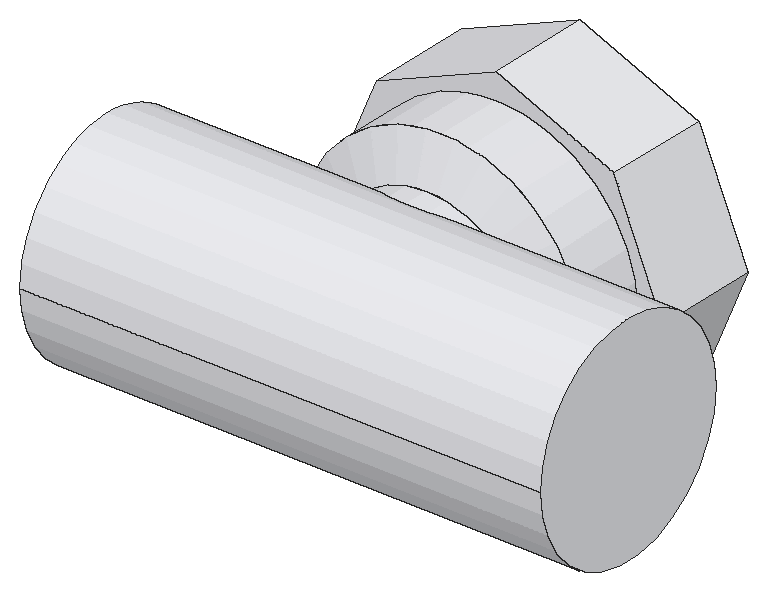
Revit family "PF_Тройник [фитинг полипропиленовый - тройник с переходом на внутреннюю резьбу VTp.732.0]1 - VALTEC", category Соединительные детали трубопроводов, Revit 2019
Family settings
  Размер круглого соединителя = Использовать диаметр
  Тип детали = Тройник
  На основе рабочей плоскости = Нет
  Всегда вертикально = Да
  При загрузке вырезать с полостями = Нет
  Общий = Нет
Parameters (values of type "VTp.732.0")
  Таблица = "PF_Тройник [фитинг полипропиленовый - тройник с переходом на внутреннюю резьбу VTp.732.0] - VALTEC"  # constant formula
  built-in parameter 1114238 [instance] = (empty or 0)
  Manufacturer = ""
  dn4 [instance] = size_lookup(Таблица, "dn4", 0 mm, d1, d2, d3)  # 24.1 mm
  dn3 [instance] = size_lookup(Таблица, "dn3", 0 mm, d1, d2, d3)  # 34.9 mm
  dn2 [instance] = size_lookup(Таблица, "dn2", 0 mm, d1, d2, d3)  # 38 mm
  dn1 [instance] = size_lookup(Таблица, "dn1", 0 mm, d1, d2, d3)  # 26.8 mm
  d3 [instance] = 20 mm
  d2 [instance] = 15 mm
  d1 [instance] = 20 mm
  c3 [instance] = size_lookup(Таблица, "c3", 0 mm, d1, d2, d3)  # 2.2 mm
  c2 [instance] = size_lookup(Таблица, "c2", 0 mm, d1, d2, d3)  # 8.3 mm
  c1 [instance] = size_lookup(Таблица, "c1", 0 mm, d1, d2, d3)  # 13 mm
  URL = "https://valtec.ru/"
  C [instance] = size_lookup(Таблица, "C", 0 mm, d1, d2, d3)  # 46 mm
  B [instance] = size_lookup(Таблица, "B", 0 mm, d1, d2, d3)  # 15 mm
  ADSK_Примечание [instance] = ""
  ADSK_Позиция [instance] = ""
  ADSK_Обозначение [instance] = "VTp.732.0"  # constant formula
  ADSK_Наименование [instance] = size_lookup(Таблица, "", "Данный типоразмер отсутствует", d1, d2, d3)  # "Фитинг полипропиленовый - тройник с переходом на внутреннюю резьбу,  20 мм х 1/2\""
  ADSK_Материал = Пластик белый - VALTEC
  ADSK_Масса [instance] = size_lookup(Таблица, "Масса", 0, d1, d2, d3)  # 0.055
  ADSK_Марка [instance] = size_lookup(Таблица, "Маркировка", "Данный типоразмер отсутствует", d1, d2, d3)  # "20х1/2\""
  ADSK_Код изделия [instance] = size_lookup(Таблица, "Код продукта", "Данный типоразмер отсутствует", d1, d2, d3)  # "VTp.732.0.02004"
  ADSK_Завод-изготовитель [instance] = "VALTEC"  # constant formula
  ADSK_Единица измерения [instance] = "шт."  # constant formula
  ADSK_URL страницы изделия = "https://valtec.ru/catalog/sistemy_polipropilenovyh_truboprovodov/polipropilenovye_fitingi/fiting_polipropilenovyj_trojnik_s_perehodom_na_vnutrennyuyu_rezbu_vtp7320.html"
  ADSK_URL документации изделия = "https://valtec.ru/document/technical/VTp.700-fitingi-0419.pdf"
  A [instance] = size_lookup(Таблица, "A", 0 mm, d1, d2, d3)  # 64 mm
Reference planes
  plane 1 "По центру (Вперед/Назад)": y = 0
  plane 2: z = 0
  plane 3 "По центру (Влево/Вправо)": x = 0
  plane 4: x = -32
  plane 5: y = 32.6
  plane 6: x = 32
  plane 7: y = 13.4
  plane 8: y = -13.4
  plane 9: y = 19.6
  plane 10: y = 11.3
  plane 11: y = 9.1
Forms (mm)
  Extrusion 1, solid, material "Пластик белый - VALTEC" <- "ADSK_Материал", detail levels medium+fine
    sketch origin (0, 0, 0) x (0, 1, 0) y (0, 0, 1)
      loop
        circle (0, 0) r 13.4
    from -32 to 32
  Extrusion 2, solid, material "Пластик белый - VALTEC" <- "ADSK_Материал", detail levels medium+fine
    sketch origin (0, 0, 0) x (1, 0, 0) y (0, 0, 1)
      loop
        circle (0, 0) r 17.45
    from -19.6 to -11.3
  Extrusion 3, solid, material "Пластик белый - VALTEC" <- "ADSK_Материал", detail levels medium+fine
    sketch origin (0, 0, 0) x (1, 0, 0) y (0, 0, 1)
      loop
        circle (0, 0) r 12.05
    from -9.1 to 0
  Blend 4, solid, material "Пластик белый - VALTEC" <- "ADSK_Материал", detail levels medium+fine
    base sketch origin (0, 0, 0) x (1, 0, 0) y (0, 0, 1)
      loop
        circle (0, 0) r 17.45
    top sketch origin (0, 0, 0) x (1, 0, 0) y (0, 0, 1)
      loop
        circle (0, 0) r 12.05
    from -11.3 to -9.1
Cuts and joins
  joined: Extrusion 1, Extrusion 2, Extrusion 3, Blend 4
Lines and regions (mm)
  model lines, detail levels coarse
    curve 1: line (-32, 0, 0) -> (32, 0, 0)
    curve 2: line (0, 0, 0) -> (0, 32.6, 0)
  reference lines
    curve 3: line (-32, 0, 0) -> (32, 0, 0)
    curve 4: line (0, 0, 0) -> (0, 32.6, 0)
Dimensions and locks
  equal spacing: plane 4, plane 3 "По центру (Влево/Вправо)", plane 6
  "A": plane 4 to plane 6
  equal spacing: plane 8, plane 1 "По центру (Вперед/Назад)", plane 7
  "dn1": plane 7 to plane 8
  "C": plane 8 to plane 5
  "c1": plane 5 to plane 9
  "c2": plane 9 to plane 10
  "c3": plane 10 to plane 11
  "dn1": diameter of Extrusion 1 sketch curve
  "dn3": diameter of Extrusion 2 sketch curve
  "dn4": diameter of Extrusion 3 sketch curve
  "dn3": diameter of Blend 4 sketch curve
  "dn4": diameter of Blend 4 sketch curve
  aligned and locked: level to plane 2
  aligned and locked: level to Extrusion 1 sketch curve
  aligned and locked: plane 1 "По центру (Вперед/Назад)" to Extrusion 1 sketch curve
  aligned and locked: Extrusion 1 to plane 4
  aligned and locked: Extrusion 1 to plane 6
  aligned and locked: level to Extrusion 2 sketch curve
  aligned and locked: plane 3 "По центру (Влево/Вправо)" to Extrusion 2 sketch curve
  aligned and locked: plane 3 "По центру (Влево/Вправо)" to Extrusion 3 sketch curve
  aligned and locked: level to Extrusion 3 sketch curve
  aligned and locked: plane 3 "По центру (Влево/Вправо)" to Blend 4 sketch curve  (x2)
  aligned and locked: level to Blend 4 sketch curve  (x2)
  aligned and locked: plane 9 to Extrusion 2
  aligned and locked: plane 11 to Extrusion 3
  aligned and locked: Blend 4 to plane 11
  aligned and locked: plane 10 to Blend 4
  aligned and locked: Extrusion 2 to plane 10
  aligned and locked: plane 1 "По центру (Вперед/Назад)" to Extrusion 3
  aligned and locked: plane 3 "По центру (Влево/Вправо)" to nested 1
  aligned and locked: level to nested 1
  aligned and locked: plane 5 to nested 1
  aligned and locked: plane 6 to curve 1
  aligned and locked: plane 4 to curve 1
  aligned and locked: plane 1 "По центру (Вперед/Назад)" to curve 1
  aligned and locked: plane 1 "По центру (Вперед/Назад)" to curve 2
  aligned and locked: plane 5 to curve 2
  aligned and locked: plane 3 "По центру (Влево/Вправо)" to curve 2
  aligned and locked: plane 6 to curve 3
  aligned and locked: plane 4 to curve 3
  aligned and locked: plane 1 "По центру (Вперед/Назад)" to curve 3
  aligned and locked: plane 1 "По центру (Вперед/Назад)" to curve 4
  aligned and locked: plane 5 to curve 4
  aligned and locked: plane 3 "По центру (Влево/Вправо)" to curve 4
Nested families
  nested 1: "Гайка - горизонталь" at (0, 26.1, 0) x (0, 1, 0) z (0, 0, 1), d <- "dn2", ADSK_Материал <- "ADSK_Материал", l <- "c1", type "Гайка - горизонталь", detail levels medium+fine
    with l 13 mm, d 38 mm, ADSK_Материал Пластик белый - VALTEC
Connectors
  piping at (-32, 0, 0), diameter 20, driven by "d1"
    settings: on curve 3, index 1, connector inside diameter 609.6 mm, connector length 0 mm, flow factor 0, pipe flow 0.0 L/s, pressure drop 0.0 Pa, fitting loss kfactor 0, connector angle 0.00°, fixture units 0, engagement length 0 mm, angle of deflection 0.00°, flow configuration 0, flow direction 0, fitting loss method 0, system type 28, joint type 0, gender type 0, connector reference index 2, connector utility 0, adjustable connector no, is connector primary yes, connector description ""
  piping at (32, 0, 0), diameter 20, driven by "d3"
    settings: on curve 3, index 2, connector inside diameter 609.6 mm, connector length 0 mm, flow factor 0, pipe flow 0.0 L/s, pressure drop 0.0 Pa, fitting loss kfactor 0, connector angle 0.00°, fixture units 0, engagement length 0 mm, angle of deflection 0.00°, flow configuration 0, flow direction 0, fitting loss method 0, system type 28, joint type 0, gender type 0, connector reference index 1, connector utility 0, adjustable connector no, is connector primary no, connector description ""
  piping at (0, 32.6, 0), diameter 15, driven by "d2"
    settings: on curve 4, index 3, connector inside diameter 609.6 mm, connector length 0 mm, flow factor 0, pipe flow 0.0 L/s, pressure drop 0.0 Pa, fitting loss kfactor 0, connector angle 0.00°, fixture units 0, engagement length 0 mm, angle of deflection 0.00°, flow configuration 0, flow direction 0, fitting loss method 0, system type 28, joint type 0, gender type 0, connector reference index -1, connector utility 0, adjustable connector no, is connector primary no, connector description ""
Definition of nested family "Гайка - горизонталь"
  Parameters (values of type "Гайка - горизонталь")
    d [instance] = 588.881 mm
    l [instance] = 637.4 mm
    ADSK_Материал [instance] = none
  Reference planes
    plane 1 "По центру (Вперед/Назад)": y = 0
    plane 2: z = 0
    plane 3 "По центру (Влево/Вправо)": x = 0
    plane 4: y = 318.7
    plane 5: y = -318.7
    plane 6: through (0, -912.519, 2972.425) normal (0, -0.9239, -0.3827)
    plane 7: through (0, -1234.338, 2979.956) normal (0, -0.9239, -0.3827)
    plane 8: through (0, -1556.157, 2987.486) normal (0, -0.9239, -0.3827)
    plane 9: through (0, 1234.338, 2979.956) normal (0, -0.9239, 0.3827)
    plane 10: through (0, -2420.114, 1321.144) normal (0, -0.3827, -0.9239)
    plane 11: through (0, -2532.792, 1049.117) normal (0, -0.3827, -0.9239)
    plane 12: through (0, -2645.469, 777.089) normal (0, -0.3827, -0.9239)
    plane 13: through (0, 2420.114, 1321.144) normal (0, -0.3827, 0.9239)
    plane 14: through (0, 2532.792, 1049.117) normal (0, -0.3827, 0.9239)
    plane 15: through (0, 2645.469, 777.089) normal (0, -0.3827, 0.9239)
    plane 16: through (0, 912.519, 2972.425) normal (0, -0.9239, 0.3827)
    plane 17: through (0, 1234.338, 2979.956) normal (0, -0.9239, 0.3827)
    plane 18: through (0, 1556.157, 2987.486) normal (0, -0.9239, 0.3827)
    plane 19: x = 318.7
    plane 20: x = -318.7
  Forms (mm)
    Extrusion 1, solid, material <- "ADSK_Материал"
      sketch origin (0, 0, 0) x (0, 1, 0) y (0, 0, 1)
        loop
          line (0, 318.7) -> (-225.355, 225.355) -> (-318.7, 0) -> (-225.355, -225.355) -> (0, -318.7) -> (225.355, -225.355) -> (318.7, 0) -> (225.355, 225.355) -> (0, 318.7)
      from -318.7 to 318.7
  Lines and regions (mm)
    reference lines
      curve 1: line (0, -112.677, -272.027) -> (0, 112.677, 272.027)
      curve 2: line (0, -272.027, 112.677) -> (0, 272.027, -112.677)
  Dimensions and locks
    equal spacing: plane 4, plane 1 "По центру (Вперед/Назад)", plane 5
    locked: plane 4 to plane 5 at 637.4
    equal spacing: plane 8, plane 7, plane 6
    "d": plane 8 to plane 6
    equal spacing: plane 12, plane 11, plane 10
    "d": plane 12 to plane 10
    equal spacing: plane 15, plane 14, plane 13
    "d": plane 15 to plane 13
    equal spacing: plane 18, plane 17, plane 16
    "d": plane 18 to plane 16
    equal spacing: plane 20, plane 3 "По центру (Влево/Вправо)", plane 19
    "l": plane 20 to plane 19
    aligned and locked: level to plane 2
    aligned and locked: plane 10 to Extrusion 1 sketch curve
    aligned and locked: plane 13 to Extrusion 1 sketch curve
    aligned and locked: plane 16 to Extrusion 1 sketch curve
    aligned and locked: Extrusion 1 sketch curve to plane 8
    aligned and locked: Extrusion 1 sketch curve to plane 12
    aligned and locked: Extrusion 1 sketch curve to plane 15
    aligned and locked: Extrusion 1 sketch curve to plane 18
    aligned and locked: plane 6 to Extrusion 1 sketch curve
    aligned and locked: plane 19 to Extrusion 1
    aligned and locked: plane 20 to Extrusion 1
    aligned and locked: Extrusion 1 to plane 19
    aligned and locked: plane 16 to curve 2
    aligned and locked: plane 18 to curve 2
    aligned and locked: curve 2 to plane 11
    aligned and locked: plane 12 to curve 1
    aligned and locked: plane 10 to curve 1
    aligned and locked: curve 1 to plane 17
